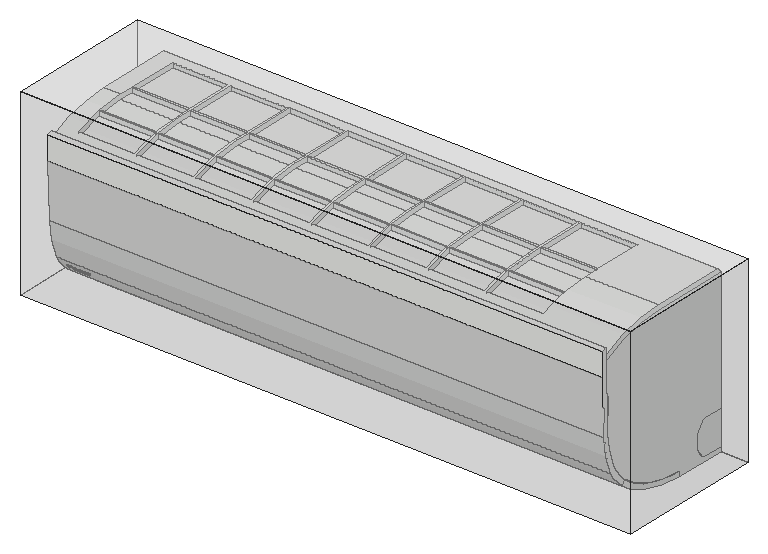
Revit family "outputfile", category 機械設備, Revit 2024
Family settings
  丸型コネクタ寸法 = 半径を使用
  パーツ タイプ = 標準
  OmniClass 番号 = 23.75.10.24.21.27.27
  OmniClass タイトル = Split System Air Conditioning Units
  作業面ベース = いいえ
  常に垂直 = はい
  ロード時にボイドで切り取り = いいえ
  注釈の向きを維持 = いいえ
  共有 = いいえ
  部屋計算ポイント = いいえ
Parameters (values of type "CTKM50RVMV")
  Description = ""
  書き出し IFC クラス(タイプ) = "IfcUnitaryEquipmentType"
  定義済み IFC タイプ(タイプ) = "AIRCONDITIONINGUNIT"
  Cost = 0
  Type Comments = ""
  Keynote = ""
  Type Image = (empty or 0)
  Assembly Code = ""
  w_wall hole = if(Width = 770.0 mm, 48.0 mm, 60.0 mm)  # 60.0 mm
  製造元 = "Daikin"
  モデル = "CTKM50RVMV"
  switch_frequency = yes
  r_Liquid Pipe Size = Liquid Pipe Size / 2  # 3.2 mm
  r_Gas Pipe Size = Gas Pipe Size / 2  # 6.35 mm
  r_Drain Pipe Size = Drain Pipe Size / 2  # 8.0 mm
  lw_powersupply [instance] = if(Width = 770.0 mm, if(or(Rear Right Connection_refrigerant, Bottom Right Connection_refrigerant), 25.0 mm, if(or(Rear Left Connection_refrigerant, Bottom Left Connection_refrigerant), 745.0 mm, 400.0 mm)), if(Width = 990.0 mm, if(or(Rear Right Connection_refrigerant, Bottom Right Connection_refrigerant), 40.0 mm, if(or(Rear Left Connection_refrigerant, Bottom Left Connection_refrigerant), 920.0 mm, 400.0 mm)), if(or(Rear Right Connection_refrigerant, Bottom Right Connection_refrigerant), 40.0 mm, if(or(Rear Left Connection_refrigerant, Bottom Left Connection_refrigerant), 920.0 mm, 400.0 mm))))  # 400.0 mm
  lw_liquidpipe [instance] = if(Width = 770.0 mm, if(or(Rear Right Connection_refrigerant, Bottom Right Connection_refrigerant), 0.0 mm, if(or(Rear Left Connection_refrigerant, Bottom Left Connection_refrigerant), 664.0 mm, 385.0 mm)), if(Width = 990.0 mm, if(or(Rear Right Connection_refrigerant, Bottom Right Connection_refrigerant), 0.0 mm, if(or(Rear Left Connection_refrigerant, Bottom Left Connection_refrigerant), 664.0 mm + (990.0 mm - 770.0 mm), 475.0 mm)), if(or(Rear Right Connection_refrigerant, Bottom Right Connection_refrigerant), 0.0 mm, if(or(Rear Left Connection_refrigerant, Bottom Left Connection_refrigerant), 664.0 mm + (990.0 mm - 770.0 mm), 475.0 mm))))  # 475.0 mm
  lw_gaspipe [instance] = if(Width = 770.0 mm, if(or(Rear Right Connection_refrigerant, Bottom Right Connection_refrigerant), 0.0 mm, if(or(Rear Left Connection_refrigerant, Bottom Left Connection_refrigerant), 675.0 mm, if(Gas Pipe Size = 12.7 mm, 345.0 mm, 335.0 mm))), if(Width = 990.0 mm, if(or(Rear Right Connection_refrigerant, Bottom Right Connection_refrigerant), 10.0 mm, if(or(Rear Left Connection_refrigerant, Bottom Left Connection_refrigerant), 890.0 mm, if(Gas Pipe Size = 15.9 mm, 410.0 mm, 400.0 mm))), if(or(Rear Right Connection_refrigerant, Bottom Right Connection_refrigerant), 10.0 mm, if(or(Rear Left Connection_refrigerant, Bottom Left Connection_refrigerant), 890.0 mm, if(Gas Pipe Size = 15.9 mm, 410.0 mm, 400.0 mm)))))  # 400.0 mm
  lw_drainpipe [instance] = if(Width = 770.0 mm, if(or(Rear Right Connection_refrigerant, Bottom Right Connection_refrigerant), 0.0 mm, if(or(Rear Left Connection_refrigerant, Bottom Left Connection_refrigerant), 770.0 mm - 48.0 mm - 48.0 mm, 440.0 mm)), if(Width = 990.0 mm, if(or(Rear Right Connection_refrigerant, Bottom Right Connection_refrigerant), 0.0 mm, if(or(Rear Left Connection_refrigerant, Bottom Left Connection_refrigerant), 675.0 mm + (990.0 mm - 770.0 mm), 435.0 mm)), if(or(Rear Right Connection_refrigerant, Bottom Right Connection_refrigerant), 0.0 mm, if(or(Rear Left Connection_refrigerant, Bottom Left Connection_refrigerant), 675.0 mm + (990.0 mm - 770.0 mm), 435.0 mm))))  # 435.0 mm
  l_powersupply_length [instance] = if(Width = 770.0 mm, if(Right Connection_refrigerant, 400.0 mm, if(Left Connection_refrigerant, 770.0 mm - 400.0 mm, if(or(Rear Left Connection_refrigerant, Rear Right Connection_refrigerant), 15.0 mm, 50.0 mm))), if(Width = 990.0 mm, if(Right Connection_refrigerant, 400.0 mm, if(Left Connection_refrigerant, 990.0 mm - 400.0 mm, if(or(Rear Left Connection_refrigerant, Rear Right Connection_refrigerant), 15.0 mm, 50.0 mm))), if(Right Connection_refrigerant, 400.0 mm, if(Left Connection_refrigerant, 990.0 mm - 400.0 mm, if(or(Rear Left Connection_refrigerant, Rear Right Connection_refrigerant), 15.0 mm, 50.0 mm)))))  # 400.0 mm
  l_liquidpipe_length [instance] = if(Width = 770.0 mm, if(Right Connection_refrigerant, 433.0 mm, if(Left Connection_refrigerant, 337.0 mm, if(or(Rear Left Connection_refrigerant, Rear Right Connection_refrigerant), 30.0 mm, 40.0 mm))), if(Width = 990.0 mm, if(Right Connection_refrigerant, 535.0 mm, if(Left Connection_refrigerant, 455.0 mm, if(or(Rear Left Connection_refrigerant, Rear Right Connection_refrigerant), 30.0 mm, 40.0 mm))), if(Right Connection_refrigerant, 535.0 mm, if(Left Connection_refrigerant, 455.0 mm, if(or(Rear Left Connection_refrigerant, Rear Right Connection_refrigerant), 30.0 mm, 40.0 mm)))))  # 535.0 mm
  l_gaspipe_length [instance] = if(Width = 770.0 mm, if(Right Connection_refrigerant, if(Gas Pipe Size = 12.7 mm, 393.0 mm, 383.0 mm), if(Left Connection_refrigerant, if(Gas Pipe Size = 12.7 mm, 770.0 mm - 393.0 mm, 770.0 mm - 383.0 mm), if(or(Rear Left Connection_refrigerant, Rear Right Connection_refrigerant), 40.0 mm, 50.0 mm))), if(Width = 990.0 mm, if(Right Connection_refrigerant, if(Gas Pipe Size = 15.9 mm, 470.0 mm, 460.0 mm), if(Left Connection_refrigerant, if(Gas Pipe Size = 15.9 mm, 990.0 mm - 470.0 mm, 990.0 mm - 460.0 mm), if(or(Rear Left Connection_refrigerant, Rear Right Connection_refrigerant), 40.0 mm, 50.0 mm))), if(Right Connection_refrigerant, if(Gas Pipe Size = 15.9 mm, 470.0 mm, 460.0 mm), if(Left Connection_refrigerant, if(Gas Pipe Size = 15.9 mm, 990.0 mm - 470.0 mm, 990.0 mm - 460.0 mm), if(or(Rear Left Connection_refrigerant, Rear Right Connection_refrigerant), 40.0 mm, 50.0 mm)))))  # 460.0 mm
  l_drainpipe_length [instance] = if(Width = 770.0 mm, if(Right Connection_refrigerant, 488.0 mm, if(Left Connection_refrigerant, 282.0 mm, if(or(Rear Left Connection_refrigerant, Rear Right Connection_refrigerant), 15.0 mm, 20.0 mm))), if(Width = 990.0 mm, if(Right Connection_refrigerant, 495.0 mm, if(Left Connection_refrigerant, 495.0 mm, if(or(Rear Left Connection_refrigerant, Rear Right Connection_refrigerant), 15.0 mm, 20.0 mm))), if(Right Connection_refrigerant, 495.0 mm, if(Left Connection_refrigerant, 495.0 mm, if(or(Rear Left Connection_refrigerant, Rear Right Connection_refrigerant), 15.0 mm, 20.0 mm)))))  # 495.0 mm
  h*** = 0.0 mm  # constant formula
  connector_voltage = Voltage_50Hz  # 230 V
  connector_powerinput = [Power Input (Cooling)]  # 0.000 kW
  connector_phase = Phase_50Hz  # 1
  angle_vertical [instance] = if(or(Bottom Left Connection_refrigerant, Bottom Right Connection_refrigerant), 0.00°, 90.00°)  # 90.00°
  angle_horizontal [instance] = if(Right Connection_refrigerant, 90.00°, if(Left Connection_refrigerant, -90.00°, if(or(Rear Left Connection_refrigerant, Rear Right Connection_refrigerant), 180.00°, 0.00°)))  # 90.00°
  Width = 990.0 mm
  Voltage_comment_50Hz = "220 - 240"
  Voltage_50Hz = 230 V
  Version = "ver.1.0"
  Unit Type = "Wall Mounted"
  Unit Mass Weight = 13.00 kg
  Unit Designation [instance] = ""
  Uniclass2015Version = "Products v1.30"
  Uniclass2015Title = "Split coil room air conditioning units"
  Uniclass2015Code = "Pr_70_65_03_86"
  URL = ""
  Total Cooling Capacity [instance] = 0.000 kW
  Sound Pressure Level_M speed (dBA) = 40
  Sound Pressure Level_L speed (dBA) = 35
  Sound Pressure Level_H speed (dBA) = 45
  Sound Power Level_H speed (dB) = 0
  Series = "Multi Split_Fan Coil Unit"
  Sensible Cooling Capacity [instance] = 0.000 kW
  Refrigerant Type = "R32"
  Power Input (Cooling) = 0.000 kW
  Phase_50Hz = 1
  Option Accessory 3 [instance] = ""
  Option Accessory 2 [instance] = ""
  Option Accessory 1 [instance] = ""
  Nominal Cooling Capacity = 5.000 kW
  Minimum Circuit Amps_50Hz = 0.0 A
  Minimum Airflow = 702.00 m³/h
  Median Airflow = 852.00 m³/h
  Maximum Fuse Amps_50Hz = 0.0 A
  Maximum Airflow = 1010.00 m³/h
  Material_Casing = DAIKIN_White_Casing_indoorunit
  Load Classification = HVAC
  Liquid Pipe Size = 6.4 mm
  Link_Nested Family [instance] = ""
  IfcVersion = ""
  IfcExportType = "AIRCONDITIONINGUNIT"
  IfcExportAs = "IfcUnitaryEquipmentType"
  Height = 295.0 mm
  Heat Exchanger Type = "Cross Fin Coil"
  Gas Pipe Size = 12.7 mm
  Frequency_50Hz = 50 Hz
  Fan Type = "Cross Flow Fan"
  Fan Drive = "Direct Drive"
  FCU Tag No. [instance] = ""
  Drain Pipe Size = 16.0 mm
  Design Supply Airflow [instance] = 0.00 m³/h
  Depth = 263.0 mm
  既定の高さ = 0.0 mm
  Cooling Entering Wet Bulb Temperature [instance] = 0.00 °C
  Cooling Entering Dry Bulb Temperature [instance] = 0.00 °C
  Cooling Ambient Wet Bulb Temperature [instance] = 0.00 °C
  Cooling Ambient Dry Bulb Temperature [instance] = 0.00 °C
  Clearance visibility [instance] = yes
  Clearance Top = 30.0 mm
  Clearance Right = 50.0 mm
  Clearance Rear = 0.0 mm
  Clearance Left = 50.0 mm
  Clearance Front = 0.0 mm
  Clearance Bottom = 0.0 mm
  Bottom Right Connection_refrigerant [instance] = no
  Bottom Left Connection_refrigerant [instance] = no
  Rear Right Connection_refrigerant [instance] = no
  Rear Left Connection_refrigerant [instance] = no
  Right Connection_refrigerant [instance] = yes
  Left Connection_refrigerant [instance] = no
Reference planes
  plane 1 "Back": y = 0
  plane 2: z = 0
  plane 3 "Center (Left/Right)": x = 0
  plane 4 "Center (Front/Back)": y = -131.5
  plane 5 "Front": y = -263
  plane 6 "Left": x = -495
  plane 7 "Right": x = 495
  plane 8 "Top": z = 0
  plane 9 "Bottom": z = -295
  plane 10: x = -545
  plane 11: x = 545
  plane 12: y = 0
  plane 13: y = -263
  plane 14: z = 30
  plane 15: z = -295
  plane 16 "lw_Piping and Wiring intake": x = 435
  plane 17 "lw_gaspipe": x = 35
  plane 18 "lw_liquidpipe": x = -40
  plane 19 "lw_drainpipe": x = 0
  plane 20 "lh_drainpipe": z = -275
  plane 21 "lh_liquidpipe": z = -255
  plane 22 "lh_gaspipe": z = -245
  plane 23 "ld_drainpipe": y = -15
  plane 24 "ld_liquidpipe": y = -30
  plane 25 "ld_gaspipe": y = -40
  plane 26 "lw_powersupply": x = 95
Dimensions and locks
  equal spacing: plane 6 "Left", plane 3 "Center (Left/Right)", plane 7 "Right"
  "Width": plane 6 "Left" to plane 7 "Right"
  equal spacing: plane 5 "Front", plane 4 "Center (Front/Back)", plane 1 "Back"
  "Depth": plane 5 "Front" to plane 1 "Back"
  "Height": plane 8 "Top" to plane 9 "Bottom"
  "Clearance Rear": plane 12 to plane 1 "Back"
  "Clearance Front": plane 13 to plane 5 "Front"
  "Clearance Top": plane 14 to plane 8 "Top"
  "Clearance Bottom": plane 9 "Bottom" to plane 15
  "w_wall hole": plane 16 "lw_Piping and Wiring intake" to plane 7 "Right"
  "lw_gaspipe": plane 17 "lw_gaspipe" to plane 16 "lw_Piping and Wiring intake"
  "lw_liquidpipe": plane 18 "lw_liquidpipe" to plane 16 "lw_Piping and Wiring intake"
  "lw_drainpipe": plane 19 "lw_drainpipe" to plane 16 "lw_Piping and Wiring intake"
  locked: plane 20 "lh_drainpipe" to plane 9 "Bottom" at 20
  locked: plane 21 "lh_liquidpipe" to plane 9 "Bottom" at 40
  locked: plane 22 "lh_gaspipe" to plane 9 "Bottom" at 50
  locked: plane 23 "ld_drainpipe" to plane 1 "Back" at 15
  locked: plane 1 "Back" to plane 24 "ld_liquidpipe" at 30
  locked: plane 1 "Back" to plane 25 "ld_gaspipe" at 40
  "lw_powersupply": plane 26 "lw_powersupply" to plane 7 "Right"
  "Clearance Left": plane 10 to plane 6 "Left"
  "Clearance Right": plane 7 "Right" to plane 11
  aligned and locked: level to plane 2
  aligned and locked: plane 12 to nested 1
  aligned and locked: nested 1 to plane 13
  aligned and locked: plane 10 to nested 1
  aligned and locked: plane 11 to nested 1
  aligned and locked: plane 15 to nested 1
  aligned and locked: plane 14 to nested 1
  aligned and locked: plane 17 "lw_gaspipe" to nested 2
  aligned and locked: nested 2 to plane 25 "ld_gaspipe"
  aligned and locked: plane 18 "lw_liquidpipe" to nested 3
  aligned and locked: nested 3 to plane 24 "ld_liquidpipe"
  aligned and locked: plane 19 "lw_drainpipe" to nested 4
  aligned and locked: nested 4 to plane 23 "ld_drainpipe"
  aligned and locked: nested 5 to plane 23 "ld_drainpipe"
  aligned and locked: plane 26 "lw_powersupply" to nested 5
  aligned and locked: level to plane 8 "Top"
  aligned and locked: plane 3 "Center (Left/Right)" to nested 6
  aligned and locked: plane 1 "Back" to nested 6
  aligned and locked: plane 8 "Top" to nested 6
Nested families
  nested 1: "daikin_clearancespace" at (0, -131.5, -132.381), show <- "Clearance visibility", visible <- "Clearance visibility", Link_Nested Family <- "Link_Nested Family", type "daikin_clearancespace"
    with width 1090.0 mm, show yes, height 325.0 mm, depth 263.0 mm, Link_Nested Family ""
  nested 2: "daikin_connector_rotate3" at (35, -40, -245), angle_vertical <- "angle_vertical", angle_horizontal <- "angle_horizontal", length <- "l_gaspipe_length", radius <- "r_Gas Pipe Size", type "daikin_connector_rotate3"
    with show no, radius 6.35 mm, length 460.0 mm, angle_vertical 90.00°, angle_horizontal 90.00°
  nested 3: "daikin_connector_rotate3" at (-40, -30, -255), angle_vertical <- "angle_vertical", angle_horizontal <- "angle_horizontal", radius <- "r_Liquid Pipe Size", length <- "l_liquidpipe_length", type "daikin_connector_rotate3"
    with show no, radius 3.2 mm, length 535.0 mm, angle_vertical 90.00°, angle_horizontal 90.00°
  nested 4: "daikin_connector_rotate3" at (0, -15, -275), angle_vertical <- "angle_vertical", angle_horizontal <- "angle_horizontal", length <- "l_drainpipe_length", radius <- "r_Drain Pipe Size", type "daikin_connector_rotate3"
    with show no, radius 8.0 mm, length 495.0 mm, angle_vertical 90.00°, angle_horizontal 90.00°
  nested 5: "daikin_connector_rotate3" at (95, -15, -245), angle_vertical <- "angle_vertical", angle_horizontal <- "angle_horizontal", length <- "l_powersupply_length", type "daikin_connector_rotate3"
    with show no, radius 10.0 mm, length 400.0 mm, angle_vertical 90.00°, angle_horizontal 90.00°
  nested 6: "DAIKIN_indoorunit_CTKM-RVMV" at (-31, 0, 0), type "CTKM-RVMV"
    with switch_unit1_50-71 yes, switch_unit1_25-35 no, Width 990.0 mm, WALL HOLE-R 60.0 mm, WALL HOLE Size 80.0 mm, Height 295.0 mm
Connectors
  piping at (495, -40, -245), diameter 12.7, driven by "r_Gas Pipe Size"
    settings: on nested 2, index 1, connector inside diameter 609.6 mm, connector length 0.0 mm, flow factor 0, pipe flow 0.00 m³/h, pressure drop 0.0 Pa, fitting loss kfactor 0, connector angle 0.00°, fixture units 0, engagement length 0.0 mm, angle of deflection 0.00°, flow configuration 1, flow direction 2, fitting loss method 0, system type 29, joint type 0, gender type 0, connector reference index -1, connector utility 0, adjustable connector no, is connector primary yes, connector description "Refrigerant Gas Piping"
  piping at (495, -30, -255), diameter 6.4, driven by "r_Liquid Pipe Size"
    settings: on nested 3, index 2, connector inside diameter 609.6 mm, connector length 0.0 mm, flow factor 0, pipe flow 0.00 m³/h, pressure drop 0.0 Pa, fitting loss kfactor 0, connector angle 0.00°, fixture units 0, engagement length 0.0 mm, angle of deflection 0.00°, flow configuration 1, flow direction 1, fitting loss method 0, system type 29, joint type 0, gender type 0, connector reference index -1, connector utility 0, adjustable connector no, is connector primary no, connector description "Refrigerant Liquid Piping"
  piping at (495, -15, -275), diameter 16, driven by "r_Drain Pipe Size"
    settings: on nested 4, index 3, connector inside diameter 609.6 mm, connector length 0.0 mm, flow factor 0, pipe flow 0.00 m³/h, pressure drop 0.0 Pa, fitting loss kfactor 0, connector angle 0.00°, fixture units 0, engagement length 0.0 mm, angle of deflection 0.00°, flow configuration 1, flow direction 2, fitting loss method 4, system type 16, joint type 0, gender type 0, connector reference index -1, connector utility 0, adjustable connector no, is connector primary no, connector description "Condensate Drain Piping"
  electrical at (495, -15, -245), driven by "Load Classification", driven by "connector_phase", driven by "connector_powerinput", driven by "connector_voltage"
    settings: on nested 5, index 4, voltage 230 V, apparent load 0 VA, apparent load phase1 0 VA, apparent load phase2 0 VA, apparent load phase3 0 VA, power factor 1, load classification "HVAC", number of poles 1, system type 30, power factor state 1, is connector primary yes, connector utility no, sub classification motor no, connector description "Power Supply"
Definition of nested family "daikin_clearancespace"
  Parameters (values of type "daikin_clearancespace")
    Description = "daikin_clearancespace"
    width [instance] = 1823.963 mm
    show [instance] = yes
    material = none
    height [instance] = 1359.762 mm
    depth [instance] = 880.0 mm
    Default Elevation = 0.0 mm
    Link_Nested Family [instance] = ""
  Reference planes
    plane 1 "Center (Front/Back)": y = 0
    plane 2 "Center (Elevation)": z = -0.119
    plane 3 "Center (Left/Right)": x = 0
    plane 4: y = 440
    plane 5: y = -440
    plane 6 "Right": x = 911.982
    plane 7 "Left": x = -911.982
    plane 8 "Top": z = 679.762
    plane 9 "Bottom": z = -680
  Forms (mm)
    Extrusion 1, solid, material <- "material", visible <- "show"
      sketch origin (0, 0, 0) x (1, 0, 0) y (0, 1, 0)
        loop
          line (-911.982, 440) -> (-911.982, -440) -> (911.982, -440) -> (911.982, 440) -> (-911.982, 440)
      from -680 to 679.762
  Lines and regions (mm)
    symbolic lines, visible <- "show"
      curve 1: line (911.982, 440, 0) -> (-911.982, 440, 0)
      curve 2: line (-911.982, 440, 0) -> (-911.982, -440, 0)
      curve 3: line (-911.982, -440, 0) -> (911.982, -440, 0)
      curve 4: line (911.982, -440, 0) -> (911.982, 440, 0)
      curve 5: line (911.982, 0, 679.762) -> (-911.982, 0, 679.762)
      curve 6: line (911.982, 0, -680) -> (911.982, 0, 679.762)
      curve 7: line (-911.982, 0, -680) -> (911.982, 0, -680)
      curve 8: line (-911.982, 0, 679.762) -> (-911.982, 0, -680)
      curve 9: line (0, 440, 679.762) -> (0, -440, 679.762)
      curve 10: line (0, -440, 679.762) -> (0, -440, -680)
      curve 11: line (0, 440, -680) -> (0, 440, 679.762)
      curve 12: line (0, -440, -680) -> (0, 440, -680)
  Dimensions and locks
    "width": plane 7 "Left" to plane 6 "Right"
    "depth": plane 4 to plane 5
    "height": plane 8 "Top" to plane 9 "Bottom"
    equal spacing: plane 7 "Left", plane 3 "Center (Left/Right)", plane 6 "Right"
    equal spacing: plane 4, plane 1 "Center (Front/Back)", plane 5
    equal spacing: plane 8 "Top", plane 2 "Center (Elevation)", plane 9 "Bottom"
    aligned and locked: level to plane 2 "Center (Elevation)"
    aligned and locked: Extrusion 1 sketch curve to plane 4
    aligned and locked: plane 7 "Left" to Extrusion 1 sketch curve
    aligned and locked: Extrusion 1 sketch curve to plane 5
    aligned and locked: Extrusion 1 sketch curve to plane 6 "Right"
    aligned and locked: plane 8 "Top" to Extrusion 1
    aligned and locked: curve 1 to Extrusion 1
    aligned and locked: curve 2 to Extrusion 1
    aligned and locked: curve 3 to Extrusion 1
    aligned and locked: curve 4 to Extrusion 1
    aligned and locked: curve 5 to Extrusion 1
    aligned and locked: curve 6 to Extrusion 1
    aligned and locked: curve 7 to Extrusion 1
    aligned and locked: curve 8 to Extrusion 1
    aligned and locked: curve 9 to Extrusion 1
    aligned and locked: curve 10 to Extrusion 1
    aligned and locked: curve 11 to Extrusion 1
    aligned and locked: curve 12 to Extrusion 1
    aligned and locked: Extrusion 1 to plane 9 "Bottom"
Definition of nested family "DAIKIN_indoorunit_CTKM-RVMV"
  Parameters (values of type "CTKM-RVMV")
    switch_unit1_50-71 = Width = 990.0 mm  # no
    switch_unit1_25-35 = Width = 770.0 mm  # yes
    Width = 770.0 mm
    WALL HOLE-R = if(Width = 770.0 mm, 48.0 mm, 60.0 mm)  # 48.0 mm
    WALL HOLE Size = if(Width = 770.0 mm, 65.0 mm, 80.0 mm)  # 65.0 mm
    Material_Casing = none
    Height = if(Width = 770.0 mm, 285.0 mm, 295.0 mm)  # 285.0 mm
    Default Elevation = 0.0 mm
  Reference planes
    plane 1 "Center (Front/Back)": y = 0
    plane 2 "reference_level": z = 0
    plane 3 "Center (Left/Right)": x = 31
    plane 4: x = -354
    plane 5: x = 416
    plane 6: z = -285
  Forms (mm)
    Extrusion 1, solid, material <- "Material_Casing", visible <- "switch_unit1_25-35"
      sketch origin (29, 0, 0) x (0, 1, 0) y (0, 0, 1)
        loop
          line (-5, 0) -> (-98, 0)
          arc (-98, 0) -> (-157.611, -7.211) -> (-213.783, -28.427) r 250
          arc (-213.783, -28.427) -> (-213.842, -32.972) -> (-213.892, -37.516) r 2191
          arc (-213.892, -37.516) -> (-157.832, -15.495) -> (-98.07, -8) r 242
          line (-98.07, -8) -> (0, -8) -> (-5, 0)
      from -383 to 387
    Extrusion 2, solid, material <- "Material_Casing", visible <- "switch_unit1_25-35"
      sketch origin (416, 1296.25, 1200) x (0, 1, 0) y (0, 0, 1)
        loop
          line (-1472.998, -1446.91) -> (-1476.998, -1453.839)
          arc (-1476.998, -1453.839) -> (-1437.481, -1472.422) -> (-1395.25, -1483.538) r 240
          line (-1395.25, -1483.538) -> (-1395.25, -1475.422)
          arc (-1395.25, -1475.422) -> (-1435.407, -1464.663) -> (-1472.998, -1446.91) r 232
      from 0 to -47.5
    Extrusion 3, solid, material <- "Material_Casing", visible <- "switch_unit1_25-35"
      sketch origin (29, 0, 0) x (0, 1, 0) y (0, 0, 1)
        loop
          arc (-223, -60.455) -> (-222.414, -110.646) -> (-220.656, -160.81) r 2149.92
          arc (-220.656, -160.81) -> (-219.65, -174.299) -> (-217.853, -187.706) r 229.911
          arc (-217.853, -187.706) -> (-205.371, -223.594) -> (-181.517, -253.17) r 111
          line (-181.517, -253.17) -> (-177.429, -246.093)
          arc (-177.429, -246.093) -> (-198.77, -218.989) -> (-209.965, -186.36) r 103
          arc (-209.965, -186.36) -> (-211.681, -173.586) -> (-212.651, -160.735) r 221.844
          arc (-212.651, -160.735) -> (-214.739, -93.233) -> (-214.74, -25.699) r 2186.828
          arc (-214.74, -25.699) -> (-214.671, -21.467) -> (-214.594, -17.235) r 2192
          line (-214.594, -17.235) -> (-223, -19.961) -> (-223, -60.455)
      from -383 to 387
    Extrusion 4, solid, material <- "Material_Casing", visible <- "switch_unit1_25-35"
      sketch origin (29, 0, -20) x (0, 1, 0) y (0, 0, 1)
        loop
          line (0, -265) -> (0, 12) -> (-98.07, 12)
          arc (-98.07, 12) -> (-157.832, 4.505) -> (-213.892, -17.516) r 242
          arc (-213.892, -17.516) -> (-213.638, -79.114) -> (-211.653, -140.681) r 2191
          arc (-211.653, -140.681) -> (-210.685, -153.501) -> (-208.973, -166.243) r 221
          arc (-208.973, -166.243) -> (-197.471, -199.282) -> (-175.482, -226.491) r 102
          arc (-175.482, -226.491) -> (-138.004, -244.019) -> (-98, -254.579) r 231
          line (-98, -254.579) -> (-98, -265) -> (0, -265)
      from -383 to 387
    Extrusion 5, solid, material <- "Material_Casing", visible <- "switch_unit1_25-35"
      sketch origin (-354, 1296.25, 1200) x (0, 1, 0) y (0, 0, 1)
        loop
          line (-1472.998, -1446.91) -> (-1476.998, -1453.839)
          arc (-1476.998, -1453.839) -> (-1437.481, -1472.422) -> (-1395.25, -1483.538) r 240
          line (-1395.25, -1483.538) -> (-1395.25, -1475.422)
          arc (-1395.25, -1475.422) -> (-1435.407, -1464.663) -> (-1472.998, -1446.91) r 232
      from 47 to 0
    Extrusion 6, solid, material <- "Material_Casing", visible <- "switch_unit1_25-35"
      sketch origin (416, 1296.25, 1200) x (0, 1, 0) y (0, 0, 1)
        loop
          line (-1472.998, -1446.91) -> (-1476.998, -1453.839)
          arc (-1476.998, -1453.839) -> (-1443.437, -1470.168) -> (-1407.75, -1481.097) r 240
          line (-1407.75, -1481.097) -> (-1407.75, -1472.894)
          arc (-1407.75, -1472.894) -> (-1441.363, -1462.385) -> (-1472.998, -1446.91) r 232
      from -116.993 to -48.493
    Extrusion 7, solid, material <- "Material_Casing", visible <- "switch_unit1_25-35"
      sketch origin (416, 1296.25, 1200) x (0, 1, 0) y (0, 0, 1)
        loop
          line (-1472.998, -1446.91) -> (-1476.998, -1453.839)
          arc (-1476.998, -1453.839) -> (-1443.437, -1470.168) -> (-1407.75, -1481.097) r 240
          line (-1407.75, -1481.097) -> (-1407.75, -1472.894)
          arc (-1407.75, -1472.894) -> (-1441.363, -1462.385) -> (-1472.998, -1446.91) r 232
      from -717 to -121.993
    Extrusion 8, void
      sketch origin (31, 0, -235) x (1, 0, 0) y (0, 1, 0)
        loop
          line (-252.674, -22.316) -> (-354.941, -22.316) -> (-354.941, -91.341) -> (-252.674, -91.341) -> (-252.674, -22.316)
        loop
          line (-249.341, -91.341) -> (-151.574, -91.341) -> (-151.574, -22.316) -> (-249.341, -22.316) -> (-249.341, -91.341)
        loop
          line (58.309, -22.316) -> (-148.309, -22.316) -> (-148.309, -91.341) -> (58.309, -91.341) -> (58.309, -22.316)
        loop
          line (61.689, -22.316) -> (61.689, -91.341) -> (159.457, -91.341) -> (159.457, -22.316) -> (61.689, -22.316)
        loop
          line (162.789, -22.316) -> (162.789, -91.341) -> (265.057, -91.341) -> (265.057, -22.316) -> (162.789, -22.316)
        loop
          line (-354.941, -94.659) -> (-354.941, -165.259) -> (-252.674, -165.259) -> (-252.674, -94.659) -> (-354.941, -94.659)
        loop
          line (-249.341, -94.659) -> (-249.341, -165.259) -> (-151.574, -165.259) -> (-151.574, -94.659) -> (-249.341, -94.659)
        loop
          line (-148.309, -94.659) -> (-148.309, -165.259) -> (58.309, -165.259) -> (58.309, -94.659) -> (-148.309, -94.659)
        loop
          line (61.689, -94.659) -> (61.689, -165.259) -> (159.457, -165.259) -> (159.457, -94.659) -> (61.689, -94.659)
        loop
          line (162.789, -94.659) -> (162.789, -165.259) -> (265.057, -165.259) -> (265.057, -94.659) -> (162.789, -94.659)
        loop
          line (-354.941, -167.382) -> (-354.941, -192.681) -> (-252.674, -192.681) -> (-252.674, -167.382) -> (-354.941, -167.382)
        loop
          line (-249.341, -167.382) -> (-249.341, -192.681) -> (-151.574, -192.681) -> (-151.574, -167.382) -> (-249.341, -167.382)
        loop
          line (-148.309, -167.382) -> (-148.309, -192.681) -> (58.309, -192.681) -> (58.309, -167.382) -> (-148.309, -167.382)
        loop
          line (159.457, -167.382) -> (61.689, -167.382) -> (61.689, -192.681) -> (159.457, -192.681) -> (159.457, -167.382)
        loop
          line (265.057, -167.382) -> (162.789, -167.382) -> (162.789, -192.681) -> (265.057, -192.681) -> (265.057, -167.382)
      from 201.638 to 250
    Extrusion 9, solid, material <- "Material_Casing"
      sketch origin (31, 0, 0) x (1, 0, 0) y (0, 0, 1)
        loop
          circle (337, -240.5) r 32.5
        loop
          circle (-337, -240.5) r 32.5
      from 0 to 5
    Extrusion 10, solid, material <- "Material_Casing", visible <- "switch_unit1_25-35"
      sketch origin (416, 1296.25, 1200) x (0, -1, 0) y (0, 0, 1)
        loop
          line (1326.25, -1417) -> (1296.25, -1417) -> (1296.25, -1477) -> (1326.25, -1477)
          arc (1326.25, -1477) -> (1340.393, -1471.142) -> (1346.25, -1457) r 20
          line (1346.25, -1457) -> (1346.25, -1437)
          arc (1346.25, -1437) -> (1340.393, -1422.858) -> (1326.25, -1417) r 20
      from 0 to 5
    Extrusion 11, solid, material <- "Material_Casing", visible <- "switch_unit1_25-35"
      sketch origin (-354, 1296.25, 1200) x (0, 1, 0) y (0, 0, 1)
        loop
          line (-1296.25, -1417) -> (-1326.25, -1417)
          arc (-1326.25, -1417) -> (-1340.393, -1422.858) -> (-1346.25, -1437) r 20
          line (-1346.25, -1437) -> (-1346.25, -1457)
          arc (-1346.25, -1457) -> (-1340.393, -1471.142) -> (-1326.25, -1477) r 20
          line (-1326.25, -1477) -> (-1296.25, -1477) -> (-1296.25, -1417)
      from 0 to 5
    Extrusion 12, solid, material <- "Material_Casing", visible <- "switch_unit1_25-35"
      sketch origin (31, 0, -285) x (-1, 0, 0) y (0, -1, 0)
        loop
          line (-314, 0) -> (-314, 30)
          arc (-314, 30) -> (-319.858, 44.142) -> (-334, 50) r 20
          line (-334, 50) -> (-354, 50)
          arc (-354, 50) -> (-368.142, 44.142) -> (-374, 30) r 20
          line (-374, 30) -> (-374, 0) -> (-314, 0)
        loop
          line (374, 0) -> (374, 30)
          arc (374, 30) -> (368.142, 44.142) -> (354, 50) r 20
          line (354, 50) -> (334, 50)
          arc (334, 50) -> (319.858, 44.142) -> (314, 30) r 20
          line (314, 30) -> (314, 0) -> (374, 0)
      from 0 to 5
    Extrusion 13, solid, material <- "Material_Casing", visible <- "switch_unit1_50-71"
      sketch origin (31, 0, 0) x (0, 1, 0) y (0, 0, 1)
        loop
          line (-5, 0) -> (-138, 0)
          arc (-138, 0) -> (-197.611, -7.211) -> (-253.783, -28.427) r 250
          arc (-253.783, -28.427) -> (-253.838, -32.687) -> (-253.886, -36.946) r 2191
          arc (-253.886, -36.946) -> (-197.73, -15.346) -> (-138.014, -8) r 246.393
          line (-138.014, -8) -> (0, -8) -> (-5, 0)
      from -495 to 495
    Extrusion 14, solid, material <- "Material_Casing", visible <- "switch_unit1_50-71"
      sketch origin (418, 1296.25, 1200) x (0, 1, 0) y (0, 0, 1)
        loop
          arc (-1515.208, -1454.149) -> (-1506.856, -1460.599) -> (-1497.925, -1466.219) r 110
          arc (-1497.925, -1466.219) -> (-1445.718, -1487.493) -> (-1389.844, -1494.995) r 223
          line (-1389.844, -1494.995) -> (-1389.844, -1486.086) -> (-1404.386, -1486.086)
          arc (-1404.386, -1486.086) -> (-1449.542, -1477.46) -> (-1491.818, -1459.402) r 214.289
          arc (-1491.818, -1459.402) -> (-1501.056, -1453.541) -> (-1509.606, -1446.715) r 101
          line (-1509.606, -1446.715) -> (-1515.208, -1454.149)
      from 108 to 57.5
    Extrusion 15, solid, material <- "Material_Casing", visible <- "switch_unit1_50-71"
      sketch origin (31, 0, 0) x (0, 1, 0) y (0, 0, 1)
        loop
          line (-263, -19.962) -> (-263, -61.6)
          arc (-263, -61.6) -> (-262.414, -110.219) -> (-260.656, -158.81) r 2017.341
          arc (-260.656, -158.81) -> (-255.648, -191.935) -> (-244.041, -223.362) r 164.725
          arc (-244.041, -223.362) -> (-233.569, -239.793) -> (-219.717, -253.495) r 87.379
          line (-219.717, -253.495) -> (-214.706, -246.846)
          arc (-214.706, -246.846) -> (-229.564, -230.029) -> (-240.385, -210.371) r 102
          arc (-240.385, -210.371) -> (-249.049, -182.962) -> (-252.848, -154.467) r 165.789
          arc (-252.848, -154.467) -> (-254.771, -90.102) -> (-254.74, -25.708) r 2122.533
          arc (-254.74, -25.708) -> (-254.671, -21.469) -> (-254.594, -17.23) r 2192
          line (-254.594, -17.23) -> (-263, -19.962)
      from -495 to 495
    Extrusion 16, void
      sketch origin (33, 0, 0) x (1, 0, 0) y (0, 1, 0)
        loop
          line (-466.909, -22.316) -> (-466.909, -111.341) -> (-366.303, -111.341) -> (-366.303, -22.316) -> (-466.909, -22.316)
        loop
          line (-362.71, -22.316) -> (-362.71, -111.341) -> (-262.103, -111.341) -> (-262.103, -22.316) -> (-362.71, -22.316)
        loop
          line (-258.51, -22.316) -> (-258.51, -111.341) -> (-157.904, -111.341) -> (-157.904, -22.316) -> (-258.51, -22.316)
        loop
          line (-154.31, -22.316) -> (-154.31, -111.341) -> (-53.704, -111.341) -> (-53.704, -22.316) -> (-154.31, -22.316)
        loop
          line (-50.11, -22.316) -> (-50.11, -111.341) -> (50.496, -111.341) -> (50.496, -22.316) -> (-50.11, -22.316)
        loop
          line (54.089, -22.316) -> (54.089, -111.341) -> (154.696, -111.341) -> (154.696, -22.316) -> (54.089, -22.316)
        loop
          line (158.289, -22.316) -> (158.289, -111.341) -> (258.895, -111.341) -> (258.895, -22.316) -> (158.289, -22.316)
        loop
          line (262.489, -22.316) -> (262.489, -111.341) -> (363.095, -111.341) -> (363.095, -22.316) -> (262.489, -22.316)
        loop
          line (-466.909, -114.459) -> (-466.909, -185.059) -> (-366.303, -185.059) -> (-366.303, -114.459) -> (-466.909, -114.459)
        loop
          line (-362.71, -114.459) -> (-362.71, -185.059) -> (-262.103, -185.059) -> (-262.103, -114.459) -> (-362.71, -114.459)
        loop
          line (-258.51, -114.459) -> (-258.51, -185.059) -> (-157.904, -185.059) -> (-157.904, -114.459) -> (-258.51, -114.459)
        loop
          line (-154.31, -114.459) -> (-154.31, -185.059) -> (-53.704, -185.059) -> (-53.704, -114.459) -> (-154.31, -114.459)
        loop
          line (-50.11, -114.459) -> (-50.11, -185.059) -> (50.496, -185.059) -> (50.496, -114.459) -> (-50.11, -114.459)
        loop
          line (54.089, -114.459) -> (54.089, -185.059) -> (154.696, -185.059) -> (154.696, -114.459) -> (54.089, -114.459)
        loop
          line (158.289, -114.459) -> (158.289, -185.059) -> (258.895, -185.059) -> (258.895, -114.459) -> (158.289, -114.459)
        loop
          line (262.489, -114.459) -> (262.489, -185.059) -> (363.095, -185.059) -> (363.095, -114.459) -> (262.489, -114.459)
        loop
          line (-466.909, -187.382) -> (-466.909, -232.681) -> (-366.303, -232.681) -> (-366.303, -187.382) -> (-466.909, -187.382)
        loop
          line (-362.71, -187.382) -> (-362.71, -232.681) -> (-262.103, -232.681) -> (-262.103, -187.382) -> (-362.71, -187.382)
        loop
          line (-258.51, -187.382) -> (-258.51, -232.681) -> (-157.904, -232.681) -> (-157.904, -187.382) -> (-258.51, -187.382)
        loop
          line (-154.31, -187.382) -> (-154.31, -232.681) -> (-53.704, -232.681) -> (-53.704, -187.382) -> (-154.31, -187.382)
        loop
          line (-50.11, -187.382) -> (-50.11, -232.681) -> (50.496, -232.681) -> (50.496, -187.382) -> (-50.11, -187.382)
        loop
          line (54.089, -187.382) -> (54.089, -232.681) -> (154.696, -232.681) -> (154.696, -187.382) -> (54.089, -187.382)
        loop
          line (158.289, -187.382) -> (158.289, -232.681) -> (258.895, -232.681) -> (258.895, -187.382) -> (158.289, -187.382)
        loop
          line (262.489, -187.382) -> (262.489, -232.681) -> (363.095, -232.681) -> (363.095, -187.382) -> (262.489, -187.382)
      from -40.013 to 47.268
    Extrusion 17, solid, material <- "Material_Casing", visible <- "switch_unit1_50-71"
      sketch origin (-356, 1296.25, 1200) x (0, 1, 0) y (0, 0, -1)
        loop
          line (-1515.208, 1454.149) -> (-1509.606, 1446.715)
          arc (-1509.606, 1446.715) -> (-1501.056, 1453.541) -> (-1491.818, 1459.402) r 101
          arc (-1491.818, 1459.402) -> (-1449.542, 1477.46) -> (-1404.386, 1486.086) r 214.289
          line (-1404.386, 1486.086) -> (-1389.844, 1486.086) -> (-1389.844, 1494.995)
          arc (-1389.844, 1494.995) -> (-1445.718, 1487.493) -> (-1497.925, 1466.219) r 223
          arc (-1497.925, 1466.219) -> (-1506.856, 1460.599) -> (-1515.208, 1454.149) r 110
      from 108 to 61
    Extrusion 18, solid, material <- "Material_Casing", visible <- "switch_unit1_50-71"
      sketch origin (418, 1296.25, 1200) x (0, 1, 0) y (0, 0, 1)
        loop
          arc (-1515.208, -1454.149) -> (-1506.856, -1460.599) -> (-1497.925, -1466.219) r 110
          arc (-1497.925, -1466.219) -> (-1463.185, -1482.066) -> (-1426.25, -1491.755) r 223
          line (-1426.25, -1491.755) -> (-1426.25, -1483.166)
          arc (-1426.25, -1483.166) -> (-1460.008, -1473.969) -> (-1491.818, -1459.402) r 214.289
          arc (-1491.818, -1459.402) -> (-1501.056, -1453.541) -> (-1509.606, -1446.715) r 101
          line (-1509.606, -1446.715) -> (-1515.208, -1454.149)
      from 56.5 to -36.993
    Extrusion 19, solid, material <- "Material_Casing", visible <- "switch_unit1_50-71"
      sketch origin (418, 1296.25, 1200) x (0, 1, 0) y (0, 0, 1)
        loop
          arc (-1426.25, -1483.166) -> (-1443.442, -1479.224) -> (-1460.25, -1473.881) r 214.289
          line (-1460.25, -1473.881) -> (-1460.25, -1483.089)
          arc (-1460.25, -1483.089) -> (-1443.421, -1488.091) -> (-1426.25, -1491.755) r 223
          line (-1426.25, -1491.755) -> (-1426.25, -1483.166)
      from -43.493 to -828.893
    Extrusion 20, solid, material <- "Material_Casing", visible <- "switch_unit1_50-71"
      sketch origin (418, 1296.25, 1200) x (0, 1, 0) y (0, 0, 1)
        loop
          arc (-1515.208, -1454.149) -> (-1506.856, -1460.599) -> (-1497.925, -1466.219) r 110
          arc (-1497.925, -1466.219) -> (-1479.479, -1475.527) -> (-1460.25, -1483.089) r 223
          line (-1460.25, -1483.089) -> (-1460.25, -1473.881)
          arc (-1460.25, -1473.881) -> (-1476.328, -1467.282) -> (-1491.818, -1459.402) r 214.289
          arc (-1491.818, -1459.402) -> (-1501.056, -1453.541) -> (-1509.606, -1446.715) r 101
          line (-1509.606, -1446.715) -> (-1515.208, -1454.149)
      from -43.493 to -828.893
    Extrusion 21, solid, material <- "Material_Casing", visible <- "switch_unit1_50-71"
      sketch origin (31, 0, -30) x (0, 1, 0) y (0, 0, 1)
        loop
          line (0, 22) -> (-138.014, 22)
          arc (-138.014, 22) -> (-197.73, 14.654) -> (-253.886, -6.946) r 246.393
          arc (-253.886, -6.946) -> (-253.682, -65.635) -> (-251.855, -124.295) r 2120.935
          arc (-251.855, -124.295) -> (-248.086, -152.682) -> (-239.461, -179.988) r 164.789
          arc (-239.461, -179.988) -> (-228.903, -199.231) -> (-214.437, -215.738) r 101
          line (-214.437, -215.738) -> (-212.406, -216.221)
          arc (-212.406, -216.221) -> (-204.07, -222.837) -> (-195.079, -228.53) r 100
          arc (-195.079, -228.53) -> (-145.557, -248.629) -> (-92.593, -255.785) r 213.289
          line (-92.593, -255.785) -> (-92.593, -265) -> (0, -265) -> (0, 22)
      from -495 to 495
    Extrusion 22, solid, material <- "Material_Casing", visible <- "switch_unit1_50-71"
      sketch origin (526, 1296.25, 1200) x (0, -1, 0) y (0, 0, 1)
        loop
          line (1326.25, -1427.035) -> (1296.25, -1427.035) -> (1296.25, -1487.035) -> (1326.25, -1487.035)
          arc (1326.25, -1487.035) -> (1340.393, -1481.177) -> (1346.25, -1467.035) r 20
          line (1346.25, -1467.035) -> (1346.25, -1447.035)
          arc (1346.25, -1447.035) -> (1340.393, -1432.892) -> (1326.25, -1427.035) r 20
      from 0 to 5
    Extrusion 23, solid, material <- "Material_Casing", visible <- "switch_unit1_50-71"
      sketch origin (-459, 1296.25, 1200) x (0, -1, 0) y (0, 0, 1)
        loop
          line (1326.25, -1427.035) -> (1296.25, -1427.035) -> (1296.25, -1487.035) -> (1326.25, -1487.035)
          arc (1326.25, -1487.035) -> (1340.393, -1481.177) -> (1346.25, -1467.035) r 20
          line (1346.25, -1467.035) -> (1346.25, -1447.035)
          arc (1346.25, -1447.035) -> (1340.393, -1432.892) -> (1326.25, -1427.035) r 20
      from 0 to 5
    Extrusion 24, solid, material <- "Material_Casing", visible <- "switch_unit1_50-71"
      sketch origin (31, 200, -295) x (-1, 0, 0) y (0, -1, 0)
        loop
          line (469, 200) -> (469, 230)
          arc (469, 230) -> (463.142, 244.142) -> (449, 250) r 20
          line (449, 250) -> (429, 250)
          arc (429, 250) -> (414.858, 244.142) -> (409, 230) r 20
          line (409, 230) -> (409, 200) -> (469, 200)
        loop
          line (-469, 200) -> (-409, 200) -> (-409, 230)
          arc (-409, 230) -> (-414.858, 244.142) -> (-429, 250) r 20
          line (-429, 250) -> (-449, 250)
          arc (-449, 250) -> (-463.142, 244.142) -> (-469, 230) r 20
          line (-469, 230) -> (-469, 200)
      from 0 to 5
  Cuts and joins
    Extrusion 8 cuts Extrusion 1
    Extrusion 16 cuts Extrusion 13
  Lines and regions (mm)
    reference lines
      curve 1: line (-523, -201.911, -229.404) -> (-523, -193.542, -239.977)
      curve 2: line (-523, -240.779, -229.404) -> (-523, -232.411, -239.977)
  Dimensions and locks
    locked: Extrusion 10 sketch curve to Extrusion 10 sketch curve at 60
    locked: Extrusion 10 sketch curve to Extrusion 10 sketch curve at 50
    locked: Extrusion 12 sketch curve to Extrusion 12 sketch curve at 60  (x2)
    locked: Extrusion 12 sketch curve to Extrusion 12 sketch curve at 50
    equal spacing: plane 5, plane 3 "Center (Left/Right)", plane 4
    "Width": plane 5 to plane 4
    locked: Extrusion 9 sketch curve to plane 4 at 48
    "WALL HOLE-R": plane 5 to Extrusion 9 sketch curve
    "Height": plane 2 "reference_level" to plane 6
    locked: Extrusion 9 sketch curve to plane 6 at 44.5  (x2)
    locked: Extrusion 15 to nested 2 at 15
    locked: Extrusion 22 sketch curve to Extrusion 22 sketch curve at 60
    locked: Extrusion 22 sketch curve to Extrusion 22 sketch curve at 50
    locked: Extrusion 23 sketch curve to Extrusion 23 sketch curve at 60
    locked: Extrusion 23 sketch curve to Extrusion 23 sketch curve at 50
    locked: Extrusion 24 sketch curve to Extrusion 24 sketch curve at 60  (x2)
    locked: Extrusion 24 sketch curve to Extrusion 24 sketch curve at 50  (x2)
    "WALL HOLE Size": diameter of Extrusion 9 sketch curve  (x2)
    aligned and locked: level to plane 2 "reference_level"
    aligned and locked: nested 1 to curve 1
    aligned and locked: Extrusion 11 sketch curve to Extrusion 10  (x4)
    aligned and locked: Extrusion 12 sketch curve to Extrusion 12 sketch curve  (x2)
    aligned and locked: Extrusion 9 to plane 1 "Center (Front/Back)"
    aligned and locked: nested 2 to curve 2
  Automatic sketch dimensions
    curve 1 to level = 239.977 mm
    plane 1 "Center (Front/Back)" to curve 1 = 193.542 mm
    curve 2 to curve 1 = 0.0 mm
    curve 2 to curve 2 = 10.573 mm
    curve 1 to curve 1 = 10.573 mm
    curve 1 to curve 1 = 8.368 mm
    curve 1 to curve 2 = 30.5 mm
    curve 2 to curve 2 = 8.368 mm
    Extrusion 1 sketch curve to level = 0.0 mm
    Extrusion 1 sketch curve to plane 1 "Center (Front/Back)" = 0.0 mm
    plane 1 "Center (Front/Back)" to Extrusion 1 sketch curve = 5.0 mm
    plane 1 "Center (Front/Back)" to Extrusion 1 sketch curve = 98.0 mm
    Extrusion 1 sketch curve to Extrusion 1 sketch curve = 0.07 mm
    Extrusion 1 sketch curve to level = 59.292 mm
    Extrusion 1 sketch curve to plane 1 "Center (Front/Back)" = 1977.0 mm
    Extrusion 1 sketch curve to level = 250.0 mm
    Extrusion 1 sketch curve to Extrusion 1 sketch curve = 0.0 mm
    Extrusion 1 sketch curve to level = 8.0 mm
    Extrusion 1 sketch curve to level = 28.427 mm
    plane 1 "Center (Front/Back)" to Extrusion 2 sketch curve = 180.748 mm
    Extrusion 2 sketch curve to Extrusion 2 sketch curve = 4.0 mm
    Extrusion 2 sketch curve to Extrusion 2 sketch curve = 77.747 mm
    plane 1 "Center (Front/Back)" to Extrusion 2 sketch curve = 59.279 mm
    Extrusion 2 sketch curve to Extrusion 2 sketch curve = 0.0 mm
    Extrusion 2 sketch curve to level = 283.538 mm
    Extrusion 2 sketch curve to Extrusion 2 sketch curve = 8.116 mm
    Extrusion 2 sketch curve to Extrusion 2 sketch curve = 21.583 mm
    Extrusion 2 sketch curve to Extrusion 2 sketch curve = 6.929 mm
    Extrusion 3 sketch curve to level = 19.961 mm
    plane 1 "Center (Front/Back)" to Extrusion 3 sketch curve = 223.0 mm
    Extrusion 3 sketch curve to level = 17.235 mm
    Extrusion 3 sketch curve to Extrusion 3 sketch curve = 8.406 mm
    plane 1 "Center (Front/Back)" to Extrusion 3 sketch curve = 181.517 mm
    Extrusion 3 sketch curve to Extrusion 3 sketch curve = 4.087 mm
    Extrusion 3 sketch curve to Extrusion 3 sketch curve = 69.11 mm
    Extrusion 3 sketch curve to Extrusion 3 sketch curve = 0.001 mm
    Extrusion 3 sketch curve to plane 1 "Center (Front/Back)" = 8.955 mm
    Extrusion 3 sketch curve to Extrusion 3 sketch curve = 0.067 mm
    Extrusion 3 sketch curve to level = 60.455 mm
    Extrusion 3 sketch curve to Extrusion 3 sketch curve = 1917.898 mm
    Extrusion 3 sketch curve to Extrusion 3 sketch curve = 44.907 mm
    Extrusion 3 sketch curve to Extrusion 3 sketch curve = 5.172 mm
    Extrusion 3 sketch curve to level = 150.456 mm
    Extrusion 3 sketch curve to Extrusion 3 sketch curve = 0.006 mm
    Extrusion 3 sketch curve to Extrusion 3 sketch curve = 19.265 mm
    Extrusion 3 sketch curve to Extrusion 3 sketch curve = 0.004 mm
    Extrusion 3 sketch curve to Extrusion 3 sketch curve = 76.368 mm
    Extrusion 3 sketch curve to Extrusion 3 sketch curve = 7.077 mm
    Extrusion 3 sketch curve to Extrusion 3 sketch curve = 1.002 mm
    Extrusion 3 sketch curve to Extrusion 3 sketch curve = 0.046 mm
    Extrusion 3 sketch curve to Extrusion 3 sketch curve = 8.005 mm
    Extrusion 3 sketch curve to Extrusion 3 sketch curve = 0.147 mm
    Extrusion 3 sketch curve to Extrusion 3 sketch curve = 0.0 mm
    Extrusion 4 sketch curve to plane 1 "Center (Front/Back)" = 0.0 mm
    plane 1 "Center (Front/Back)" to Extrusion 4 sketch curve = 59.278 mm
    Extrusion 4 sketch curve to Extrusion 4 sketch curve = 98.0 mm
    Extrusion 4 sketch curve to Extrusion 4 sketch curve = 0.0 mm  (x3)
    Extrusion 4 sketch curve to level = 8.0 mm
    Extrusion 4 sketch curve to Extrusion 4 sketch curve = 38.791 mm
    Extrusion 4 sketch curve to Extrusion 4 sketch curve = 10.249 mm
    Extrusion 4 sketch curve to plane 1 "Center (Front/Back)" = 9.11 mm
    Extrusion 4 sketch curve to level = 59.292 mm
    Extrusion 4 sketch curve to Extrusion 4 sketch curve = 1967.89 mm
    Extrusion 4 sketch curve to Extrusion 4 sketch curve = 142.454 mm
    Extrusion 4 sketch curve to Extrusion 4 sketch curve = 19.271 mm
    Extrusion 4 sketch curve to Extrusion 4 sketch curve = 80.275 mm
    Extrusion 4 sketch curve to Extrusion 4 sketch curve = 24.579 mm
    Extrusion 4 sketch curve to Extrusion 4 sketch curve = 10.421 mm
    Extrusion 4 sketch curve to level = 46.847 mm
    Extrusion 4 sketch curve to Extrusion 4 sketch curve = 77.412 mm
    Extrusion 4 sketch curve to Extrusion 4 sketch curve = 33.49 mm
    Extrusion 4 sketch curve to Extrusion 4 sketch curve = 2.68 mm
    plane 1 "Center (Front/Back)" to Extrusion 5 sketch curve = 180.748 mm
    Extrusion 5 sketch curve to Extrusion 5 sketch curve = 4.0 mm
    Extrusion 5 sketch curve to Extrusion 5 sketch curve = 77.747 mm
    plane 1 "Center (Front/Back)" to Extrusion 5 sketch curve = 59.279 mm
    Extrusion 5 sketch curve to Extrusion 5 sketch curve = 0.0 mm
    Extrusion 5 sketch curve to level = 283.538 mm
    Extrusion 5 sketch curve to Extrusion 5 sketch curve = 8.116 mm
    Extrusion 5 sketch curve to Extrusion 5 sketch curve = 21.583 mm
    Extrusion 5 sketch curve to Extrusion 5 sketch curve = 6.929 mm
    plane 1 "Center (Front/Back)" to Extrusion 6 sketch curve = 180.748 mm
    Extrusion 6 sketch curve to Extrusion 6 sketch curve = 4.0 mm
    Extrusion 6 sketch curve to Extrusion 6 sketch curve = 65.247 mm
    plane 1 "Center (Front/Back)" to Extrusion 6 sketch curve = 59.279 mm
    Extrusion 6 sketch curve to Extrusion 6 sketch curve = 0.0 mm
    Extrusion 6 sketch curve to level = 281.097 mm
    Extrusion 6 sketch curve to Extrusion 6 sketch curve = 8.203 mm
    Extrusion 6 sketch curve to Extrusion 6 sketch curve = 19.055 mm
    Extrusion 6 sketch curve to Extrusion 6 sketch curve = 6.929 mm
    plane 1 "Center (Front/Back)" to Extrusion 7 sketch curve = 180.748 mm
    Extrusion 7 sketch curve to Extrusion 7 sketch curve = 4.0 mm
    Extrusion 7 sketch curve to Extrusion 7 sketch curve = 65.247 mm
    plane 1 "Center (Front/Back)" to Extrusion 7 sketch curve = 59.279 mm
    Extrusion 7 sketch curve to Extrusion 7 sketch curve = 0.0 mm
    Extrusion 7 sketch curve to level = 281.097 mm
    Extrusion 7 sketch curve to Extrusion 7 sketch curve = 8.203 mm
    Extrusion 7 sketch curve to Extrusion 7 sketch curve = 19.055 mm
    Extrusion 7 sketch curve to Extrusion 7 sketch curve = 6.929 mm
    plane 1 "Center (Front/Back)" to Extrusion 8 sketch curve = 165.259 mm  (x2)
    Extrusion 8 sketch curve to plane 3 "Center (Left/Right)" = 354.941 mm
    plane 1 "Center (Front/Back)" to Extrusion 8 sketch curve = 22.316 mm  (x3)
    Extrusion 8 sketch curve to Extrusion 8 sketch curve = 0.0 mm  (x26)
    Extrusion 8 sketch curve to Extrusion 8 sketch curve = 102.268 mm  (x2)
    Extrusion 8 sketch curve to Extrusion 8 sketch curve = 3.332 mm  (x4)
    Extrusion 8 sketch curve to Extrusion 8 sketch curve = 97.768 mm  (x2)
    Extrusion 8 sketch curve to Extrusion 8 sketch curve = 3.264 mm  (x3)
    plane 3 "Center (Left/Right)" to Extrusion 8 sketch curve = 58.309 mm
    Extrusion 8 sketch curve to Extrusion 8 sketch curve = 3.38 mm  (x3)
    Extrusion 8 sketch curve to Extrusion 8 sketch curve = 2.124 mm  (x6)
    Extrusion 8 sketch curve to Extrusion 8 sketch curve = 25.299 mm  (x2)
    Extrusion 8 sketch curve to Extrusion 8 sketch curve = 70.6 mm
    Extrusion 8 sketch curve to Extrusion 8 sketch curve = 3.317 mm  (x4)
    Extrusion 10 sketch curve to plane 1 "Center (Front/Back)" = 0.0 mm
    Extrusion 10 sketch curve to Extrusion 10 sketch curve = 20.0 mm  (x2)
    Extrusion 10 sketch curve to level = 277.0 mm
    plane 1 "Center (Front/Back)" to Extrusion 12 sketch curve = 0.0 mm
    plane 3 "Center (Left/Right)" to Extrusion 12 sketch curve = 374.0 mm
    Extrusion 12 sketch curve to Extrusion 12 sketch curve = 20.0 mm  (x3)
    plane 1 "Center (Front/Back)" to Extrusion 12 sketch curve = 30.0 mm
    Extrusion 12 sketch curve to plane 3 "Center (Left/Right)" = 314.0 mm
    Extrusion 13 sketch curve to level = 0.0 mm
    Extrusion 13 sketch curve to plane 1 "Center (Front/Back)" = 0.0 mm
    plane 1 "Center (Front/Back)" to Extrusion 13 sketch curve = 5.0 mm
    Extrusion 13 sketch curve to Extrusion 13 sketch curve = 133.0 mm
    Extrusion 13 sketch curve to Extrusion 13 sketch curve = 0.013 mm
    Extrusion 13 sketch curve to level = 59.292 mm
    Extrusion 13 sketch curve to plane 1 "Center (Front/Back)" = 1937.0 mm
    Extrusion 13 sketch curve to Extrusion 13 sketch curve = 250.0 mm
    Extrusion 13 sketch curve to Extrusion 13 sketch curve = 4.393 mm
    Extrusion 13 sketch curve to level = 8.0 mm
    Extrusion 13 sketch curve to level = 28.427 mm
    plane 1 "Center (Front/Back)" to Extrusion 14 sketch curve = 218.957 mm
    Extrusion 14 sketch curve to Extrusion 14 sketch curve = 5.601 mm
    Extrusion 14 sketch curve to Extrusion 14 sketch curve = 65.735 mm
    Extrusion 14 sketch curve to Extrusion 14 sketch curve = 1.462 mm
    plane 1 "Center (Front/Back)" to Extrusion 14 sketch curve = 108.136 mm
    Extrusion 14 sketch curve to Extrusion 14 sketch curve = 14.543 mm
    plane 1 "Center (Front/Back)" to Extrusion 14 sketch curve = 92.093 mm
    Extrusion 14 sketch curve to Extrusion 14 sketch curve = 1.354 mm
    Extrusion 14 sketch curve to level = 294.995 mm
    Extrusion 14 sketch curve to Extrusion 14 sketch curve = 8.909 mm
    Extrusion 14 sketch curve to Extrusion 14 sketch curve = 31.937 mm
    Extrusion 14 sketch curve to Extrusion 14 sketch curve = 7.433 mm
    Extrusion 14 sketch curve to Extrusion 14 sketch curve = 75.403 mm
    Extrusion 14 sketch curve to Extrusion 14 sketch curve = 0.896 mm
    Extrusion 14 sketch curve to level = 72.504 mm
    Extrusion 14 sketch curve to Extrusion 14 sketch curve = 0.504 mm
    Extrusion 15 sketch curve to level = 19.962 mm
    plane 1 "Center (Front/Back)" to Extrusion 15 sketch curve = 263.0 mm
    Extrusion 15 sketch curve to level = 17.23 mm
    Extrusion 15 sketch curve to Extrusion 15 sketch curve = 8.406 mm
    Extrusion 15 sketch curve to Extrusion 15 sketch curve = 43.283 mm
    Extrusion 15 sketch curve to Extrusion 15 sketch curve = 5.011 mm
    Extrusion 15 sketch curve to Extrusion 15 sketch curve = 49.129 mm
    Extrusion 15 sketch curve to Extrusion 15 sketch curve = 19.417 mm
    Extrusion 15 sketch curve to Extrusion 15 sketch curve = 50.037 mm
    Extrusion 15 sketch curve to Extrusion 15 sketch curve = 8.89 mm
    Extrusion 15 sketch curve to level = 61.6 mm
    Extrusion 15 sketch curve to plane 1 "Center (Front/Back)" = 1754.341 mm
    Extrusion 15 sketch curve to level = 58.909 mm
    Extrusion 15 sketch curve to Extrusion 15 sketch curve = 113.192 mm
    Extrusion 15 sketch curve to Extrusion 15 sketch curve = 69.467 mm
    Extrusion 15 sketch curve to level = 146.886 mm
    Extrusion 15 sketch curve to Extrusion 15 sketch curve = 3.987 mm
    Extrusion 15 sketch curve to Extrusion 15 sketch curve = 20.44 mm
    Extrusion 15 sketch curve to Extrusion 15 sketch curve = 13.597 mm
    Extrusion 15 sketch curve to Extrusion 15 sketch curve = 61.936 mm
    Extrusion 15 sketch curve to Extrusion 15 sketch curve = 6.649 mm
    Extrusion 15 sketch curve to level = 59.438 mm
    Extrusion 15 sketch curve to Extrusion 15 sketch curve = 0.0 mm
    Extrusion 15 sketch curve to Extrusion 15 sketch curve = 0.147 mm
    Extrusion 15 sketch curve to Extrusion 15 sketch curve = 7.808 mm
    plane 1 "Center (Front/Back)" to Extrusion 16 sketch curve = 22.316 mm  (x6)
    Extrusion 16 sketch curve to plane 3 "Center (Left/Right)" = 464.909 mm
    Extrusion 16 sketch curve to Extrusion 16 sketch curve = 0.0 mm  (x27)
    Extrusion 16 sketch curve to Extrusion 16 sketch curve = 100.606 mm  (x7)
    Extrusion 16 sketch curve to Extrusion 16 sketch curve = 3.594 mm  (x16)
    Extrusion 16 sketch curve to plane 3 "Center (Left/Right)" = 51.704 mm
    plane 3 "Center (Left/Right)" to Extrusion 16 sketch curve = 52.496 mm  (x2)
    Extrusion 16 sketch curve to Extrusion 16 sketch curve = 89.026 mm  (x6)
    Extrusion 16 sketch curve to Extrusion 16 sketch curve = 3.117 mm  (x8)
    Extrusion 16 sketch curve to Extrusion 16 sketch curve = 70.6 mm  (x7)
    Extrusion 16 sketch curve to Extrusion 16 sketch curve = 2.324 mm  (x8)
    Extrusion 16 sketch curve to Extrusion 16 sketch curve = 45.299 mm  (x7)
    plane 1 "Center (Front/Back)" to Extrusion 17 sketch curve = 218.957 mm
    Extrusion 17 sketch curve to Extrusion 17 sketch curve = 5.601 mm
    Extrusion 17 sketch curve to Extrusion 17 sketch curve = 65.735 mm
    Extrusion 17 sketch curve to Extrusion 17 sketch curve = 1.462 mm
    plane 1 "Center (Front/Back)" to Extrusion 17 sketch curve = 108.136 mm
    Extrusion 17 sketch curve to Extrusion 17 sketch curve = 14.543 mm
    plane 1 "Center (Front/Back)" to Extrusion 17 sketch curve = 92.093 mm
    Extrusion 17 sketch curve to Extrusion 17 sketch curve = 1.354 mm
    Extrusion 17 sketch curve to level = 72.0 mm
    Extrusion 17 sketch curve to Extrusion 17 sketch curve = 0.504 mm
    Extrusion 17 sketch curve to Extrusion 17 sketch curve = 98.416 mm
    Extrusion 17 sketch curve to Extrusion 17 sketch curve = 0.896 mm
    Extrusion 17 sketch curve to Extrusion 17 sketch curve = 76.3 mm
    Extrusion 17 sketch curve to Extrusion 17 sketch curve = 7.433 mm
    Extrusion 17 sketch curve to Extrusion 17 sketch curve = 26.684 mm
    Extrusion 17 sketch curve to Extrusion 17 sketch curve = 8.909 mm
    plane 1 "Center (Front/Back)" to Extrusion 18 sketch curve = 218.957 mm
    Extrusion 18 sketch curve to Extrusion 18 sketch curve = 5.601 mm
    Extrusion 18 sketch curve to Extrusion 18 sketch curve = 65.735 mm
    Extrusion 18 sketch curve to Extrusion 18 sketch curve = 1.462 mm
    Extrusion 18 sketch curve to Extrusion 18 sketch curve = 83.356 mm
    plane 1 "Center (Front/Back)" to Extrusion 18 sketch curve = 92.093 mm
    Extrusion 18 sketch curve to Extrusion 18 sketch curve = 1.354 mm
    Extrusion 18 sketch curve to level = 291.755 mm
    Extrusion 18 sketch curve to Extrusion 18 sketch curve = 8.588 mm
    Extrusion 18 sketch curve to Extrusion 18 sketch curve = 29.018 mm
    Extrusion 18 sketch curve to Extrusion 18 sketch curve = 7.433 mm
    Extrusion 18 sketch curve to Extrusion 18 sketch curve = 75.403 mm
    Extrusion 18 sketch curve to Extrusion 18 sketch curve = 0.896 mm
    Extrusion 18 sketch curve to level = 72.504 mm
    Extrusion 18 sketch curve to Extrusion 18 sketch curve = 0.504 mm
    plane 1 "Center (Front/Back)" to Extrusion 19 sketch curve = 164.0 mm
    Extrusion 19 sketch curve to Extrusion 19 sketch curve = 34.0 mm
    plane 1 "Center (Front/Back)" to Extrusion 19 sketch curve = 92.093 mm
    Extrusion 19 sketch curve to Extrusion 19 sketch curve = 1.354 mm
    Extrusion 19 sketch curve to level = 291.755 mm
    Extrusion 19 sketch curve to Extrusion 19 sketch curve = 8.588 mm
    Extrusion 19 sketch curve to Extrusion 19 sketch curve = 0.077 mm
    Extrusion 19 sketch curve to Extrusion 19 sketch curve = 9.207 mm
    plane 1 "Center (Front/Back)" to Extrusion 20 sketch curve = 218.957 mm
    Extrusion 20 sketch curve to Extrusion 20 sketch curve = 5.601 mm
    Extrusion 20 sketch curve to Extrusion 20 sketch curve = 49.356 mm
    Extrusion 20 sketch curve to Extrusion 20 sketch curve = 65.735 mm
    Extrusion 20 sketch curve to Extrusion 20 sketch curve = 1.462 mm
    plane 1 "Center (Front/Back)" to Extrusion 20 sketch curve = 92.093 mm
    Extrusion 20 sketch curve to Extrusion 20 sketch curve = 1.354 mm
    Extrusion 20 sketch curve to level = 283.089 mm
    Extrusion 20 sketch curve to Extrusion 20 sketch curve = 9.207 mm
    Extrusion 20 sketch curve to Extrusion 20 sketch curve = 19.733 mm
    Extrusion 20 sketch curve to Extrusion 20 sketch curve = 7.433 mm
    Extrusion 20 sketch curve to Extrusion 20 sketch curve = 75.403 mm
    Extrusion 20 sketch curve to Extrusion 20 sketch curve = 0.896 mm
    Extrusion 20 sketch curve to level = 72.504 mm
    Extrusion 20 sketch curve to Extrusion 20 sketch curve = 0.504 mm
    Extrusion 21 sketch curve to Extrusion 21 sketch curve = 0.0 mm  (x4)
    Extrusion 21 sketch curve to plane 1 "Center (Front/Back)" = 0.0 mm
    plane 1 "Center (Front/Back)" to Extrusion 21 sketch curve = 87.233 mm
    Extrusion 21 sketch curve to Extrusion 21 sketch curve = 3.506 mm
    Extrusion 21 sketch curve to Extrusion 21 sketch curve = 92.593 mm
    Extrusion 21 sketch curve to Extrusion 21 sketch curve = 45.42 mm
    Extrusion 21 sketch curve to Extrusion 21 sketch curve = 58.927 mm
    Extrusion 21 sketch curve to Extrusion 21 sketch curve = 74.393 mm
    Extrusion 21 sketch curve to Extrusion 21 sketch curve = 2.031 mm
    Extrusion 21 sketch curve to level = 58.927 mm
    Extrusion 21 sketch curve to plane 1 "Center (Front/Back)" = 1866.935 mm
    Extrusion 21 sketch curve to level = 72.504 mm
    Extrusion 21 sketch curve to Extrusion 21 sketch curve = 74.381 mm
    Extrusion 21 sketch curve to Extrusion 21 sketch curve = 24.427 mm
    Extrusion 21 sketch curve to Extrusion 21 sketch curve = 74.426 mm
    Extrusion 21 sketch curve to Extrusion 21 sketch curve = 0.483 mm
    Extrusion 21 sketch curve to Extrusion 21 sketch curve = 4.137 mm
    Extrusion 21 sketch curve to Extrusion 21 sketch curve = 31.393 mm
    Extrusion 21 sketch curve to Extrusion 21 sketch curve = 9.215 mm
    Extrusion 21 sketch curve to level = 8.0 mm
    Extrusion 22 sketch curve to plane 1 "Center (Front/Back)" = 0.0 mm
